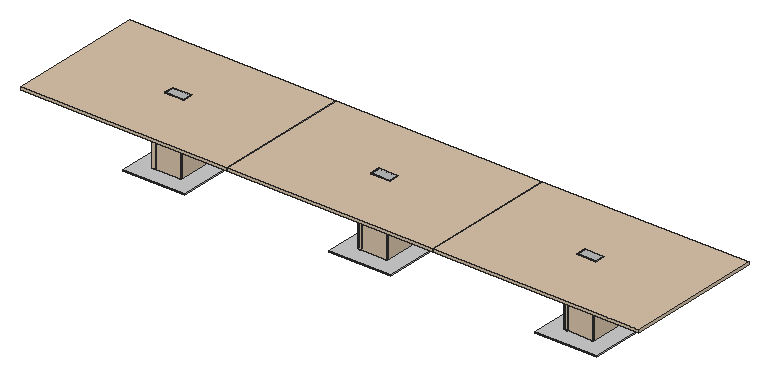
Revit family "Haworth_Planes_ColumnBaseConferenceTable_RectangularThreePiece", category Furniture Systems, Revit 2018
Family settings
  Round Connector Dimension = Use Diameter
  Part Type = Normal
  OmniClass Number = 23.40.70.14.64.21
  OmniClass Title = Systems Furniture
  Work Plane-Based = No
  Always vertical = Yes
  Cut with Voids When Loaded = No
  Shared = No
  Room Calculation Point = No
Parameters (values of type "270w 60d")
  Worksurface Finish [instance] = Haworth _ Laminate _ Maple H-AE
  Worksurface Edge Finish [instance] = Haworth _ Laminate _ Maple H-AE
  Width = 270"
  Warranty = "http://www.haworth.com/resources/product-info/warranties"
  URL - Product = "http://www.haworth.com/products/tables/conference/planes"
  Trim Finish = Haworth _ Laminate _ Maple H-AE
  Sustainability Info = "https://www.haworth.com/company-info/sustainability"
  Opening Single Wide = no
  Opening Single = not(or(Opening Single Wide, Opening Double, Opening Double Wide))  # yes
  Opening Left/Right = not(Opening Center)  # no
  Opening Double Wide = no
  Opening Double = no
  Opening Center = yes
  Model = "TARA"  # constant formula
  Min. Depth = 42"  # constant formula
  Max. Depth = 60"  # constant formula
  URL = "www.haworth.com"
  Support Height = Actual Height - Table Thickness  # 27 13/16"
  Size [instance] = "Verify Final Dim. w/ Haworth"  # constant formula
  Revision Number = "3"  # constant formula
  Min/Max Width = "186-270 @ 6 in. increments"  # constant formula
  Standard Height = "21, 29, 41 in."  # constant formula
  Min. Width = 186"  # constant formula
  Max. Width = 270"  # constant formula
  Min. Height = 21"  # constant formula
  Max. Height = 41"  # constant formula
  Manufacturer = "Haworth"  # constant formula
  Third Width = Actual Width / 6  # 45"
  Knife Edge = not(Edgeband)  # no
  Height = 29"
  Fliptop Width = Cutout Width + 1/4"  # 8 1/4"
  Fliptop Side Vis. = and(Flip Top, [Opening Left/Right])  # no
  Fliptop Depth = Cutout Depth + 3/8"  # 4 3/8"
  Fliptop Center Vis. = and(Flip Top, Opening Center)  # yes
  Flip Top Finish = Haworth _ Paint _ Metallic Champagne
  Flip Top = yes
  Edgeband = yes
  Description = "Haworth - Planes Column Base Conference Table - Rectangular Three Piece"  # constant formula
  Depth = 60"
  Cutout Width = if(or(Opening Single Wide, Opening Double Wide), 11", 8")  # 8"
  Cutout Side Offset = Actual Width / 12  # 22 1/2"
  Cutout Depth = if(or(Opening Double, Opening Double Wide), 7 11/16", 4")  # 4"
  Cutout = yes
  Custom Size = not(and(or(Depth = 42", Depth = 48", Depth = 54", Depth = 60"), or(Width = 186", Width = 192", Width = 198", Width = 204", Width = 210", Width = 216", Width = 222", Width = 228", Width = 234", Width = 240", Width = 246", Width = 252", Width = 258", Width = 264", Width = 270")))  # no
  Base Finish = Haworth _ Metal _ Brushed Aluminum
  Author = "Haworth (Hampton, Alias)"  # constant formula
  Assembly Code = "E2020200"
  Actual Width = if(Width > Max. Width, Max. Width, if(Width < Min. Width, Min. Width, Width))  # 270"
  Actual Height = if(Height > Max. Height, Max. Height, if(Height < Min. Height, Min. Height, Height))  # 29"
  Table Thickness = 1 3/16"  # constant formula
  Standard Depths = "42, 48, 54, 60 in."  # constant formula
  Actual Depth = if(Depth > Max. Depth, Max. Depth, if(Depth < Min. Depth, Min. Depth, Depth))  # 60"
Reference planes (in)
  plane 1 "Center F/B": y = 8.84134
  plane 2 "Floor": z = 0
  plane 3 "Center L/R": x = 0
  plane 4 "Table Edge Left": x = -135
  plane 5 "Table Edge Right": x = 135
  plane 6 "Table Edge Back": y = -21.15866
  plane 7 "Table Edge Front": y = 38.84134
  plane 8 "Table Top": z = 29
  plane 9 "masking region": z = 27
  plane 10 "Left Middle Support": x = -90
  plane 11 "Right Middle Support": x = 90
  plane 12: z = 27.8125
  plane 13 "Left Seam": x = -45
  plane 14 "Right Seam": x = 45
  plane 15 "Fliptop Left 1": x = -112.5
  plane 16 "Fliptop Left2": x = -67.5
  plane 17 "Fliptop Left 3": x = -22.5
  plane 18 "Fliptop Right 3": x = 22.5
  plane 19 "Fliptop Right 2": x = 67.5
  plane 20 "Fliptop Right 1": x = 112.5
Dimensions and locks (in)
  "Actual Depth": plane 7 "Table Edge Front" to plane 6 "Table Edge Back"
  "Actual Width": plane 4 "Table Edge Left" to plane 5 "Table Edge Right"
  "Actual Height": plane 8 "Table Top" to level
  "Table Thickness": plane 8 "Table Top" to plane 12
  equal spacing: plane 4 "Table Edge Left", plane 10 "Left Middle Support", plane 13 "Left Seam", plane 3 "Center L/R", plane 14 "Right Seam", plane 11 "Right Middle Support", plane 5 "Table Edge Right"
  equal spacing: plane 7 "Table Edge Front", plane 1 "Center F/B", plane 6 "Table Edge Back"
  "Cutout Side Offset": plane 14 "Right Seam" to plane 19 "Fliptop Right 2"
  "Cutout Side Offset": plane 18 "Fliptop Right 3" to plane 14 "Right Seam"
  "Cutout Side Offset": plane 13 "Left Seam" to plane 17 "Fliptop Left 3"
  "Cutout Side Offset": plane 16 "Fliptop Left2" to plane 13 "Left Seam"
  "Cutout Side Offset": plane 4 "Table Edge Left" to plane 15 "Fliptop Left 1"
  "Cutout Side Offset": plane 20 "Fliptop Right 1" to plane 5 "Table Edge Right"
  aligned and locked: plane 20 "Fliptop Right 1" to nested 2
  aligned and locked: plane 1 "Center F/B" to nested 2
  aligned and locked: nested 1 to plane 11 "Right Middle Support"
  aligned and locked: plane 1 "Center F/B" to nested 1
  aligned and locked: nested 3 to plane 19 "Fliptop Right 2"
  aligned and locked: plane 1 "Center F/B" to nested 3
  aligned and locked: plane 1 "Center F/B" to nested 4
  aligned and locked: plane 18 "Fliptop Right 3" to nested 4
  aligned and locked: plane 3 "Center L/R" to nested 5
  aligned and locked: plane 1 "Center F/B" to nested 5
  aligned and locked: plane 17 "Fliptop Left 3" to nested 6
  aligned and locked: plane 1 "Center F/B" to nested 6
  aligned and locked: plane 16 "Fliptop Left2" to nested 7
  aligned and locked: plane 1 "Center F/B" to nested 7
  aligned and locked: plane 10 "Left Middle Support" to nested 8
  aligned and locked: plane 1 "Center F/B" to nested 8
  aligned and locked: nested 9 to plane 15 "Fliptop Left 1"
  aligned and locked: plane 1 "Center F/B" to nested 9
  aligned and locked: plane 2 "Floor" to nested 10
  aligned and locked: plane 2 "Floor" to nested 12
  aligned and locked: plane 2 "Floor" to nested 11
  aligned and locked: plane 1 "Center F/B" to nested 10
  aligned and locked: nested 10 to plane 11 "Right Middle Support"
  aligned and locked: plane 3 "Center L/R" to nested 11
  aligned and locked: plane 1 "Center F/B" to nested 11
  aligned and locked: plane 10 "Left Middle Support" to nested 12
  aligned and locked: plane 1 "Center F/B" to nested 12
  aligned and locked: plane 2 "Floor" to nested 13
  aligned and locked: nested 13 to plane 3 "Center L/R"
  aligned and locked: plane 1 "Center F/B" to nested 13
Nested families (in)
  nested 1: "Haworth_Worksurface_FlipTop_Unit_Part" at (89.42963, 8.78886, 29), built-in parameter 1001364 <- "Actual Height", visible <- "Fliptop Center Vis.", type "Flip Top"
  nested 2: "Haworth_Worksurface_FlipTop_Unit_Part" at (111.92963, 8.78886, 29), built-in parameter 1001364 <- "Actual Height", visible <- "Fliptop Side Vis.", type "Flip Top"
  nested 3: "Haworth_Worksurface_FlipTop_Unit_Part" at (66.92963, 8.78886, 29), built-in parameter 1001364 <- "Actual Height", visible <- "Fliptop Side Vis.", type "Flip Top"
  nested 4: "Haworth_Worksurface_FlipTop_Unit_Part" at (21.92963, 8.78886, 29), built-in parameter 1001364 <- "Actual Height", visible <- "Fliptop Side Vis.", type "Flip Top"
  nested 5: "Haworth_Worksurface_FlipTop_Unit_Part" at (-0.57037, 8.78886, 29), built-in parameter 1001364 <- "Actual Height", visible <- "Fliptop Center Vis.", type "Flip Top"
  nested 6: "Haworth_Worksurface_FlipTop_Unit_Part" at (-23.07037, 8.78886, 29), built-in parameter 1001364 <- "Actual Height", visible <- "Fliptop Side Vis.", type "Flip Top"
  nested 7: "Haworth_Worksurface_FlipTop_Unit_Part" at (-68.07037, 8.78886, 29), built-in parameter 1001364 <- "Actual Height", visible <- "Fliptop Side Vis.", type "Flip Top"
  nested 8: "Haworth_Worksurface_FlipTop_Unit_Part" at (-90.57037, 8.78886, 29), built-in parameter 1001364 <- "Actual Height", visible <- "Fliptop Center Vis.", type "Flip Top"
  nested 9: "Haworth_Worksurface_FlipTop_Unit_Part" at (-113.07037, 8.78886, 29), built-in parameter 1001364 <- "Actual Height", visible <- "Fliptop Side Vis.", type "Flip Top"
  nested 10: "Haworth_Planes_ColumnBase_Part" at (90, 5.21634, 0), type "Square"
    with Actual Height 27 13/16"
  nested 11: "Haworth_Planes_ColumnBase_Part" at (0, 5.21634, 0), type "Square"
    with Actual Height 27 13/16"
  nested 12: "Haworth_Planes_ColumnBase_Part" at (-90, 5.21634, 0), type "Square"
    with Actual Height 27 13/16"
  nested 13: "Haworth_Planes_Conference_Worksurface_RectangularThreePiece_Part" at (45, -6.15866, 0), type "Worksurface"
    with Opening Side Vis. no, Opening Left/Right no, Knife Edge no, Cutout Side Dimension 1"
Definition of nested family "Haworth_Worksurface_FlipTop_Unit_Part"
  Parameters (values of type "Flip Top")
    Warranty = "https://www.haworth.com/resources/product-info/warranties"
    URL - Product = "https://www.haworth.com/products/tables/conference/planes"
    URL = "www.haworth.com"
    Sustainability Info = "https://www.haworth.com/company-info/sustainability"
    Size = "Verify Final Dim. w/ Haworth"  # constant formula
    Revision Number = "2"  # constant formula
    Model = "Haworth_Worksurface-Flip_Top_Unit"  # constant formula
    Manufacturer = "Haworth"  # constant formula
    LEED Data = "www.haworth.com/_layouts/Haworth.ProductCatalog/Handlers/GetAsset.ashx/ComposeLEEDContributions.pdf?cid=27&rid=1824&type=Leed"
    Flip Top Finish = none
    Description = "Haworth Worksurface-Flip Top Unit - Part"
    Default Elevation = 48"
    Author = "Haworth (Alias), SHAPE Environments, LLC"  # constant formula
    Assembly Code = "E2020200"
    Actual Width = 8 1/4"
    Actual Depth = 4 3/8"
  Reference planes (in)
    plane 1 "Center F/B": y = 0.05249
    plane 2: z = 0
    plane 3 "Center L/R": x = 0.57037
    plane 4 "Back": y = 2.23999
    plane 5 "Right": x = 4.69537
    plane 6 "Front": y = -2.13501
    plane 7 "Left": x = -3.55463
    plane 8 "Table Height": z = 0
  Forms (in)
    Extrusion 1, solid, material <- "Flip Top Finish"
      sketch origin (0, 0, 0) x (-1, 0, 0) y (0, -1, 0)
        loop
          line (3.55463, -2.23999) -> (3.55463, 2.13501) -> (-4.69537, 2.13501) -> (-4.69537, -2.23999) -> (3.55463, -2.23999)
      from 0 to 0.125
    Extrusion 2, solid, material <- "Flip Top Finish"
      sketch origin (0, 0, 0) x (-1, 0, 0) y (0, -1, 0)
        loop
          line (3.42963, -2.05249) -> (3.42963, 1.94751) -> (-4.57037, 1.94751) -> (-4.57037, -2.05249) -> (3.42963, -2.05249)
      from 0 to -2.75
  Cuts and joins
    joined: Extrusion 1, Extrusion 2
  Lines and regions (in)
    Masking region 1
      outline origin (0, 0, 0) x (1, 0, 0) y (0, 1, 0)
        loop
          line (-3.55463, 2.23999) -> (-3.55463, -2.13501) -> (4.69537, -2.13501) -> (4.69537, 2.23999) -> (-3.55463, 2.23999)
  Dimensions and locks (in)
    equal spacing: plane 7 "Left", plane 3 "Center L/R", plane 5 "Right"
    "Actual Width": plane 7 "Left" to plane 5 "Right"
    equal spacing: plane 6 "Front", plane 1 "Center F/B", plane 4 "Back"
    "Actual Depth": plane 4 "Back" to plane 6 "Front"
    plane 7 "Left" to Extrusion 2 sketch curve = 1/8"
    plane 4 "Back" to Extrusion 2 sketch curve = 3/16"
    Extrusion 2 sketch curve to plane 5 "Right" = 1/8"
    Extrusion 2 sketch curve to plane 6 "Front" = 3/16"
    locked: plane 8 "Table Height" to level
    aligned and locked: plane 7 "Left" to Extrusion 1 sketch curve
    aligned and locked: Extrusion 1 sketch curve to plane 4 "Back"
    aligned and locked: plane 6 "Front" to Extrusion 1 sketch curve
    aligned and locked: Extrusion 1 sketch curve to plane 5 "Right"
    aligned and locked: Masking region 1 sketch curve to cut or joined group of Extrusion 1, Extrusion 2  (x3)
    aligned and locked: cut or joined group of Extrusion 1, Extrusion 2 to Masking region 1 sketch curve
Definition of nested family "Haworth_Planes_ColumnBase_Part"
  Parameters (values of type "Square")
    Warranty = "http://www.haworth.com/resources/product-info/warranties"
    URL - Product = "http://www.haworth.com/products/tables/conference/planes"
    URL = "www.haworth.com"
    Trim Finish = none
    Top Gap = 1 1/2"  # constant formula
    Sustainability Info = "http://www.haworth.com/company-info/sustainablility"
    Support Finish = none
    Size = "Verify Final Dim. w/ Haworth"  # constant formula
    Revision Number = "2"  # constant formula
    Model = "Haworth - Planes - Enhanced Column Base - LIMITED"  # constant formula
    Min. Height = 27"  # constant formula
    Max. Height = 36"  # constant formula
    Manufacturer = "Haworth"  # constant formula
    Description = "Haworth - Planes - Enhanced Column Base - LIMITED"  # constant formula
    Column Frame Width 9 = no
    Column Frame Width 12 = yes
    Cladding Thickness = 1/8"  # constant formula
    Cladding Square = yes
    Cladding Round = no
    Cladding Radius = 8 1/2"  # constant formula
    Base Plate Square = yes
    Base Plate Round = no
    Base Plate Radius = 15"  # constant formula
    Base Height Offset = 3/8"  # constant formula
    Base Finish = none
    Base Depth Offset = 7 1/8"  # constant formula
    Author = "Haworth (Hampton)"  # constant formula
    Assembly Code = "E2020200"
    Actual Width = 12 3/4"  # constant formula
    Actual Height = 27 3/16"
    Actual Depth = 12 3/4"  # constant formula
  Types (2): name | Cladding Square | Cladding Round | Base Plate Square | Base Plate Round
    Square | yes | no | yes | no
    Round | no | yes | no | yes
  Reference planes (in)
    plane 1 "Center F/B": y = 3.625
    plane 2 "Bottom": z = 0
    plane 3 "Center L/R": x = 0
    plane 4 "Left": x = -6.375
    plane 5 "Right": x = 6.375
    plane 6 "Front": y = -2.75
    plane 7 "Top": z = 27.1875
    plane 8 "Back": y = 10
    plane 9: y = 9.25
    plane 10: x = 5.625
    plane 11: x = -5.625
    plane 12: y = -2
    plane 13 "Panel Top": z = 25.6875
    plane 14 "Base Plate Top": z = 0.375
    plane 15 "Panel Bottom": z = 0.75
    plane 16: x = -6.25
    plane 17: x = 6.25
    plane 18: y = 9.875
    plane 19: y = -2.625
    plane 20 "Plate Back": y = 17.125
    plane 21 "Plate Front": y = -9.875
    plane 22 "Plate Left": x = -13.5
    plane 23 "Plate Right": x = 13.5
    plane 24 "Angel 2": through (6.375, 10, 48) normal (0.7071, -0.7071, 0)
    plane 25 "Angel 1": through (-6.375, 10, 48) normal (0.7071, 0.7071, 0)
    plane 26: through (6.375, -2.75, 48) normal (-0.7071, -0.7071, 0)
    plane 27: through (6.375, 10, 48) normal (0.7071, -0.7071, 0)
    plane 28: through (-6.375, -2.75, 48) normal (-0.7071, 0.7071, 0)
    plane 29: through (6.375, -2.75, 48) normal (-0.7071, -0.7071, 0)
    plane 30: through (-6.375, 10, 48) normal (0.7071, 0.7071, 0)
    plane 31: through (-6.375, -2.75, 48) normal (-0.7071, 0.7071, 0)
  Forms (in)
    Extrusion 1, solid, material <- "Trim Finish", visible <- "Cladding Square"
      sketch origin (0, 0, 0) x (1, 0, 0) y (0, 1, 0)
        loop
          line (-6.375, 9.875) -> (-6.375, -2.625) -> (-6.25, -2.625) -> (-6.25, 9.875) -> (-6.375, 9.875)
      from 0.75 to 25.6875
    Extrusion 2, solid, material <- "Trim Finish", visible <- "Cladding Square"
      sketch origin (0, 0, 0) x (1, 0, 0) y (0, 1, 0)
        loop
          line (-6.25, 10) -> (-6.25, 9.875) -> (6.25, 9.875) -> (6.25, 10) -> (-6.25, 10)
      from 0.75 to 25.6875
    Extrusion 3, solid, material <- "Trim Finish", visible <- "Cladding Square"
      sketch origin (0, 0, 0) x (1, 0, 0) y (0, 1, 0)
        loop
          line (6.25, 9.875) -> (6.25, -2.625) -> (6.375, -2.625) -> (6.375, 9.875) -> (6.25, 9.875)
      from 0.75 to 25.6875
    Extrusion 4, solid, material <- "Trim Finish", visible <- "Cladding Square"
      sketch origin (0, 0, 0) x (1, 0, 0) y (0, 1, 0)
        loop
          line (-6.25, -2.625) -> (-6.25, -2.75) -> (6.25, -2.75) -> (6.25, -2.625) -> (-6.25, -2.625)
      from 0.75 to 25.6875
    Extrusion 5, solid, material <- "Support Finish"
      sketch origin (0, 0, 0) x (1, 0, 0) y (0, 1, 0)
        loop
          circle (-5.625, 9.25) r 0.375
        loop
          circle (5.625, 9.25) r 0.375
        loop
          circle (5.625, -2) r 0.375
        loop
          circle (-5.625, -2) r 0.375
      from 0.375 to 27.1875
    Extrusion 6, solid, material <- "Base Finish", visible <- "Base Plate Square"
      sketch origin (0, 0, 0) x (1, 0, 0) y (0, 1, 0)
        loop
          line (-13.5, 17.125) -> (-13.5, -9.875) -> (13.5, -9.875) -> (13.5, 17.125) -> (-13.5, 17.125)
      from 0 to 0.375
    Extrusion 7, solid, material <- "Base Finish", visible <- "Base Plate Round"
      sketch origin (0, 0, 0) x (1, 0, 0) y (0, 1, 0)
        loop
          circle (0, 3.625) r 15
      from 0 to 0.375
    Extrusion 8, solid, material <- "Trim Finish", visible <- "Cladding Round"
      sketch origin (0, 0, 0) x (1, 0, 0) y (0, 1, 0)
        loop
          arc (-6.01041, 9.63541) -> (0, 12.125) -> (6.01041, 9.63541) r 8.5
          line (6.01041, 9.63541) -> (6.01041, 9.81092)
          arc (6.01041, 9.81092) -> (0, 12.25) -> (-6.01041, 9.81092) r 8.625
          line (-6.01041, 9.81092) -> (-6.01041, 9.63541)
      from 0.75 to 25.6875
    Extrusion 9, solid, material <- "Trim Finish", visible <- "Cladding Round"
      sketch origin (-3.625, 3.625, 0) x (0, -1, 0) y (1, 0, 0)
        loop
          arc (-6.01041, 9.63541) -> (0, 12.125) -> (6.01041, 9.63541) r 8.5
          line (6.01041, 9.63541) -> (6.01041, 9.81092)
          arc (6.01041, 9.81092) -> (0, 12.25) -> (-6.01041, 9.81092) r 8.625
          line (-6.01041, 9.81092) -> (-6.01041, 9.63541)
      from 0.75 to 25.6875
    Extrusion 10, solid, material <- "Trim Finish", visible <- "Cladding Round"
      sketch origin (0, 7.25, 0) x (-1, 0, 0) y (0, -1, 0)
        loop
          arc (-6.01041, 9.63541) -> (0, 12.125) -> (6.01041, 9.63541) r 8.5
          line (6.01041, 9.63541) -> (6.01041, 9.81092)
          arc (6.01041, 9.81092) -> (0, 12.25) -> (-6.01041, 9.81092) r 8.625
          line (-6.01041, 9.81092) -> (-6.01041, 9.63541)
      from 0.75 to 25.6875
    Extrusion 11, solid, material <- "Trim Finish", visible <- "Cladding Round"
      sketch origin (3.625, 3.625, 0) x (0, 1, 0) y (-1, 0, 0)
        loop
          arc (-6.01041, 9.63541) -> (0, 12.125) -> (6.01041, 9.63541) r 8.5
          line (6.01041, 9.63541) -> (6.01041, 9.81092)
          arc (6.01041, 9.81092) -> (0, 12.25) -> (-6.01041, 9.81092) r 8.625
          line (-6.01041, 9.81092) -> (-6.01041, 9.63541)
      from 0.75 to 25.6875
  Lines and regions (in)
    symbolic lines, visible <- "Base Plate Square", detail levels medium+fine
      curve 1: line (-13.5, 17.125, 0) -> (13.5, 17.125, 0)
      curve 2: line (13.5, 17.125, 0) -> (13.5, -9.875, 0)
      curve 3: line (13.5, -9.875, 0) -> (-13.5, -9.875, 0)
      curve 4: line (-13.5, -9.875, 0) -> (-13.5, 17.125, 0)
    symbolic lines, visible <- "Cladding Square", detail levels medium+fine
      curve 5: line (-6.375, 10, 0) -> (6.375, 10, 0)
      curve 6: line (6.375, 10, 0) -> (6.375, -2.75, 0)
      curve 7: line (6.375, -2.75, 0) -> (-6.375, -2.75, 0)
      curve 8: line (-6.375, -2.75, 0) -> (-6.375, 10, 0)
    model lines, visible <- "Base Plate Round"
      curve 9: circle (0, 3.625, 0) r 15 normal (0, 0, 1)
    symbolic lines, visible <- "Base Plate Round", detail levels medium+fine
      curve 10: circle (0, 3.625, 0) r 8.5 normal (0, 0, 1)
  Dimensions and locks (in)
    equal spacing: plane 8 "Back", plane 1 "Center F/B", plane 6 "Front"
    "Actual Depth": plane 8 "Back" to plane 6 "Front"
    equal spacing: plane 4 "Left", plane 3 "Center L/R", plane 5 "Right"
    "Actual Width": plane 4 "Left" to plane 5 "Right"
    "Actual Height": plane 7 "Top" to level
    locked: plane 4 "Left" to plane 11 at 0.75
    locked: plane 10 to plane 5 "Right" at 0.75
    locked: plane 8 "Back" to plane 9 at 0.75
    locked: plane 12 to plane 6 "Front" at 0.75
    "Base Height Offset": plane 14 "Base Plate Top" to level
    "Base Height Offset": plane 15 "Panel Bottom" to plane 14 "Base Plate Top"
    "Top Gap": plane 7 "Top" to plane 13 "Panel Top"
    "Base Depth Offset": plane 22 "Plate Left" to plane 4 "Left"
    "Base Depth Offset": plane 5 "Right" to plane 23 "Plate Right"
    "Base Depth Offset": plane 21 "Plate Front" to plane 6 "Front"
    "Base Depth Offset": plane 20 "Plate Back" to plane 8 "Back"
    "Cladding Thickness": plane 8 "Back" to plane 18
    "Cladding Thickness": plane 19 to plane 6 "Front"
    "Cladding Thickness": plane 4 "Left" to plane 16
    "Cladding Thickness": plane 17 to plane 5 "Right"
    "Base Plate Radius": radius of Extrusion 7 sketch curve
    "Base Plate Radius": radius of curve 9
    "Cladding Radius": radius of Extrusion 8 sketch curve
    "Cladding Radius": radius of curve 10
    "Cladding Radius": radius of Extrusion 9 sketch curve
    "Cladding Radius": radius of Extrusion 10 sketch curve
    "Cladding Radius": radius of Extrusion 11 sketch curve
    aligned and locked: Extrusion 1 sketch curve to plane 19
    aligned and locked: plane 4 "Left" to Extrusion 1 sketch curve
    aligned and locked: Extrusion 1 sketch curve to plane 16
    aligned and locked: Extrusion 1 sketch curve to plane 18
    aligned and locked: Extrusion 2 sketch curve to plane 8 "Back"
    aligned and locked: plane 18 to Extrusion 2 sketch curve
    aligned and locked: plane 16 to Extrusion 2 sketch curve
    aligned and locked: plane 17 to Extrusion 2 sketch curve
    aligned and locked: Extrusion 3 sketch curve to plane 19
    aligned and locked: Extrusion 3 sketch curve to plane 18
    aligned and locked: Extrusion 3 sketch curve to plane 17
    aligned and locked: plane 5 "Right" to Extrusion 3 sketch curve
    aligned and locked: plane 16 to Extrusion 4 sketch curve
    aligned and locked: plane 17 to Extrusion 4 sketch curve
    aligned and locked: plane 19 to Extrusion 4 sketch curve
    aligned and locked: plane 6 "Front" to Extrusion 4 sketch curve
    aligned and locked: plane 13 "Panel Top" to Extrusion 4
    aligned and locked: Extrusion 4 to plane 15 "Panel Bottom"
    aligned and locked: plane 13 "Panel Top" to Extrusion 2
    aligned and locked: Extrusion 2 to plane 15 "Panel Bottom"
    aligned and locked: Extrusion 1 to plane 15 "Panel Bottom"
    aligned and locked: plane 13 "Panel Top" to Extrusion 1
    aligned and locked: Extrusion 3 to plane 15 "Panel Bottom"
    aligned and locked: plane 13 "Panel Top" to Extrusion 3
    aligned and locked: Extrusion 5 to plane 14 "Base Plate Top"
    aligned and locked: plane 7 "Top" to Extrusion 5
    aligned and locked: plane 22 "Plate Left" to Extrusion 6 sketch curve
    aligned and locked: Extrusion 6 sketch curve to plane 21 "Plate Front"
    aligned and locked: plane 23 "Plate Right" to Extrusion 6 sketch curve
    aligned and locked: Extrusion 6 sketch curve to plane 20 "Plate Back"
    aligned and locked: Extrusion 6 to plane 2 "Bottom"
    aligned and locked: Extrusion 6 to plane 14 "Base Plate Top"
    aligned and locked: curve 1 to plane 20 "Plate Back"
    aligned and locked: plane 22 "Plate Left" to curve 4
    aligned and locked: curve 3 to plane 21 "Plate Front"
    aligned and locked: plane 23 "Plate Right" to curve 2
    aligned and locked: plane 5 "Right" to curve 6
    aligned and locked: curve 5 to plane 8 "Back"
    aligned and locked: plane 4 "Left" to curve 8
    aligned and locked: plane 6 "Front" to curve 7
    aligned and locked: Extrusion 7 to plane 2 "Bottom"
    aligned and locked: Extrusion 7 to plane 14 "Base Plate Top"
    aligned and locked: plane 13 "Panel Top" to Extrusion 8
    aligned and locked: Extrusion 8 to plane 15 "Panel Bottom"
    aligned and locked: Extrusion 11 to plane 15 "Panel Bottom"
    aligned and locked: Extrusion 10 to plane 15 "Panel Bottom"
    aligned and locked: Extrusion 9 to plane 15 "Panel Bottom"
    aligned and locked: plane 13 "Panel Top" to Extrusion 11
    aligned and locked: plane 13 "Panel Top" to Extrusion 10
    aligned and locked: plane 13 "Panel Top" to Extrusion 9
    aligned and locked: Extrusion 11 to Extrusion 1  (x2)
    aligned and locked: Extrusion 2 to Extrusion 10  (x2)
    aligned and locked: Extrusion 9 to Extrusion 2
    aligned and locked: Extrusion 2 to Extrusion 9
    aligned and locked: Extrusion 2 to Extrusion 8  (x2)
    aligned and locked: Extrusion 4 to Extrusion 1
    aligned and locked: Extrusion 1 to Extrusion 4
  Automatic sketch dimensions
    Extrusion 5 sketch curve to plane 11 = 0"  (x2)
    Extrusion 5 sketch curve to plane 9 = 0"  (x2)
    Extrusion 5 sketch curve to plane 10 = 0"  (x2)
    Extrusion 5 sketch curve to plane 12 = 0"  (x2)
    curve 9 to curve 10 = 0"  (x2)
    plane 1 "Center F/B" to curve 9 = 0"
    curve 9 to plane 3 "Center L/R" = 0"
    plane 1 "Center F/B" to Extrusion 7 sketch curve = 0"
    Extrusion 7 sketch curve to plane 3 "Center L/R" = 0"
    Extrusion 8 sketch curve to Extrusion 8 sketch curve = 0"  (x2)
    plane 25 "Angel 1" to Extrusion 8 sketch curve = 0"
    plane 1 "Center F/B" to Extrusion 8 sketch curve = 0"
    Extrusion 8 sketch curve to plane 3 "Center L/R" = 0"
    plane 24 "Angel 2" to Extrusion 8 sketch curve = 0"
    Extrusion 8 sketch curve to plane 18 = 0.06408"
    Extrusion 9 sketch curve to Extrusion 9 sketch curve = 0"  (x2)
    Extrusion 9 sketch curve to plane 27 = 0"
    plane 1 "Center F/B" to Extrusion 9 sketch curve = 0"
    plane 26 to Extrusion 9 sketch curve = 0"
    Extrusion 9 sketch curve to plane 3 "Center L/R" = 0"
    plane 17 to Extrusion 9 sketch curve = 0.06408"
    Extrusion 10 sketch curve to Extrusion 10 sketch curve = 0"  (x2)
    Extrusion 10 sketch curve to plane 29 = 0"
    plane 1 "Center F/B" to Extrusion 10 sketch curve = 0"
    Extrusion 10 sketch curve to plane 3 "Center L/R" = 0"
    Extrusion 10 sketch curve to plane 28 = 0"
    Extrusion 10 sketch curve to plane 19 = 0.06408"
    Extrusion 11 sketch curve to Extrusion 11 sketch curve = 0"  (x2)
    plane 31 to Extrusion 11 sketch curve = 0"
    plane 1 "Center F/B" to Extrusion 11 sketch curve = 0"
    Extrusion 11 sketch curve to plane 30 = 0"
    Extrusion 11 sketch curve to plane 3 "Center L/R" = 0"
    plane 16 to Extrusion 11 sketch curve = 0.06408"
    radius of Extrusion 5 sketch curve = 3/8"  (x4)
Definition of nested family "Haworth_Planes_Conference_Worksurface_RectangularThreePiece_Part"
  Parameters (values of type "Worksurface")
    Warranty = "https://www.haworth.com/resources/product-info/warranties"
    URL - Product = "https://www.haworth.com/products/tables/conference/planes"
    URL = "www.haworth.com"
    Table Thickness = 1 3/16"  # constant formula
    Table Finish = none
    Table Edge Finish = none
    Side Cutout Offset = Actual Width / 12  # 22 1/2"
    Revision Number = ""
    Opening Side Vis. = and(Cutout, [Opening Left/Right])  # yes
    Opening Left/Right = yes
    Opening Center Vis. = and(Cutout, Opening Center)  # yes
    Opening Center = yes
    Note = "Verify Final Dim. w/ Haworth"  # constant formula
    Model = "TARA"  # constant formula
    Manufacturer = "Haworth"  # constant formula
    Knife Edge = yes
    Edgeband = yes
    Description = "Haworth - Planes Conference Worksurface - Part"
    Cutout Width = 8"
    Cutout Side Dimension = if(and(Cutout, [Opening Left/Right]), 3", 1")  # 3"
    Cutout Center Dimension = if(and(Cutout, Opening Center), 3", 1")  # 3"
    Cutout Depth = 4"
    Cutout = yes
    Center Cutout Offset = Actual Width / 6  # 45"
    Author = "Haworth (Alias)"  # constant formula
    Assembly Code = ""
    Actual Width = 270"
    Actual Height = 29"
    Actual Depth = 60"
  Reference planes (in)
    plane 1 "Center F/B": y = 15
    plane 2 "Bottom": z = 0
    plane 3 "Right Flat": x = 0
    plane 4 "Table Front": y = 45
    plane 5 "Table Right": x = 90
    plane 6 "Table Left": x = -180
    plane 7 "Table Back": y = -15
    plane 8 "Table Top": z = 29
    plane 9 "Table Bottom": z = 27.8125
    plane 10 "Cutout Top": z = 30
    plane 11 "Cutout Center Bottom": z = 27
    plane 12 "KnifeEdge Middle": z = 28.625
    plane 13 "Cutout Center": x = -135
    plane 14 "Cutout Left 1": x = -157.5
    plane 15 "Cutout Left 2": x = -112.5
    plane 16 "Cutout Right 2": x = 22.5
    plane 17 "Cutout Center 2": x = 45
    plane 18 "Cutout Right 1": x = 67.5
    plane 19 "Cutout Side Bottom": z = 27
    plane 20 "Left Flat": x = -90
    plane 21 "Center L/R": x = -45
    plane 22 "Cutout Left 3": x = -67.5
    plane 23 "Cutout Right 3": x = -22.5
  Forms (in)
    Extrusion 1, solid, material <- "Table Finish", visible <- "Edgeband"
      sketch origin (0, 0, 0) x (1, 0, 0) y (0, 1, 0)
        loop
          line (0, 45) -> (0, -15) -> (90, -15) -> (90, 45) -> (0, 45)
      from 27.8125 to 29
    Extrusion 2, void
      sketch origin (-90, 0, 29) x (-1, 0, 0) y (0, -1, 0)
        loop
          line (49, -17) -> (49, -13) -> (41, -13) -> (41, -17) -> (49, -17)
        loop
          line (-41, -17) -> (-41, -13) -> (-49, -13) -> (-49, -17) -> (-41, -17)
        loop
          line (-131, -17) -> (-131, -13) -> (-139, -13) -> (-139, -17) -> (-131, -17)
      from -2 to 1
    Extrusion 3, solid, material <- "Table Finish", visible <- "Knife Edge"
      sketch origin (0, 0, 0) x (1, 0, 0) y (0, 1, 0)
        loop
          line (0, 45) -> (0, -15) -> (90, -15) -> (90, 45) -> (0, 45)
      from 28.625 to 29
    Blend 4, solid, material <- "Table Finish", visible <- "Knife Edge"
      base sketch origin (0, 0, 0) x (1, 0, 0) y (0, 1, 0)
        loop
          line (0, -13) -> (88, -13) -> (88, 43) -> (0, 43) -> (0, -13)
      top sketch origin (0, 0, 0) x (1, 0, 0) y (0, 1, 0)
        loop
          line (0, 45) -> (0, -15) -> (90, -15) -> (90, 45) -> (0, 45)
      from 27.8125 to 28.625
    Extrusion 5, void
      sketch origin (-90, 0, 0) x (1, 0, 0) y (0, 1, 0)
        loop
          line (-71.5, 17) -> (-71.5, 13) -> (-63.5, 13) -> (-63.5, 17) -> (-71.5, 17)
        loop
          line (-26.5, 17) -> (-26.5, 13) -> (-18.5, 13) -> (-18.5, 17) -> (-26.5, 17)
        loop
          line (18.5, 17) -> (18.5, 13) -> (26.5, 13) -> (26.5, 17) -> (18.5, 17)
        loop
          line (63.5, 17) -> (63.5, 13) -> (71.5, 13) -> (71.5, 17) -> (63.5, 17)
        loop
          line (108.5, 17) -> (108.5, 13) -> (116.5, 13) -> (116.5, 17) -> (108.5, 17)
        loop
          line (153.5, 17) -> (153.5, 13) -> (161.5, 13) -> (161.5, 17) -> (153.5, 17)
      from 27 to 30
    Extrusion 6, solid, material <- "Table Finish", visible <- "Knife Edge"
      sketch origin (-90, 0, 0) x (-1, 0, 0) y (0, -1, 0)
        loop
          line (90, -45) -> (90, 15) -> (0, 15) -> (0, -45) -> (90, -45)
      from 28.625 to 29
    Extrusion 7, solid, material <- "Table Finish", visible <- "Edgeband"
      sketch origin (-90, 0, 0) x (-1, 0, 0) y (0, -1, 0)
        loop
          line (90, -45) -> (90, 15) -> (0, 15) -> (0, -45) -> (90, -45)
      from 27.8125 to 29
    Blend 8, solid, material <- "Table Finish", visible <- "Knife Edge"
      base sketch origin (-90, 0, 0) x (-1, 0, 0) y (0, -1, 0)
        loop
          line (0, -43) -> (88, -43) -> (88, 13) -> (0, 13) -> (0, -43)
      top sketch origin (-90, 0, 0) x (-1, 0, 0) y (0, -1, 0)
        loop
          line (90, -45) -> (90, 15) -> (0, 15) -> (0, -45) -> (90, -45)
      from 27.8125 to 28.625
    Extrusion 9, solid, material <- "Table Finish", visible <- "Edgeband"
      sketch origin (0, 0, 0) x (1, 0, 0) y (0, 1, 0)
        loop
          line (-90, 45) -> (-90, -15) -> (0, -15) -> (0, 45) -> (-90, 45)
      from 27.8125 to 29
    Extrusion 10, solid, material <- "Table Finish", visible <- "Knife Edge"
      sketch origin (0, 0, 0) x (1, 0, 0) y (0, 1, 0)
        loop
          line (-90, 45) -> (-90, -15) -> (0, -15) -> (0, 45) -> (-90, 45)
      from 28.625 to 29
    Blend 11, solid, material <- "Table Finish", visible <- "Knife Edge"
      base sketch origin (0, 0, 0) x (1, 0, 0) y (0, 1, 0)
        loop
          line (-90, -13) -> (0, -13) -> (0, 43) -> (-90, 43) -> (-90, -13)
      top sketch origin (0, 0, 0) x (1, 0, 0) y (0, 1, 0)
        loop
          line (-90, 45) -> (-90, -15) -> (0, -15) -> (0, 45) -> (-90, 45)
      from 27.8125 to 28.625
  Cuts and joins
    Extrusion 2, Extrusion 5 cuts Extrusion 1
    Extrusion 2, Extrusion 5 cuts Extrusion 3
    Extrusion 2, Extrusion 5 cuts Blend 4
    Extrusion 2, Extrusion 5 cuts Extrusion 9
    Extrusion 2, Extrusion 5 cuts Extrusion 10
    Extrusion 2, Extrusion 5 cuts Blend 11
    Extrusion 2, Extrusion 5 cuts Extrusion 7
    Extrusion 2, Extrusion 5 cuts Extrusion 6
    Extrusion 2, Extrusion 5 cuts Blend 8
  Lines and regions (in)
    Masking region 1
      outline origin (0, 0, 0) x (1, 0, 0) y (0, 1, 0)
        loop
          line (-180, 45) -> (-180, -15) -> (90, -15) -> (90, 45) -> (-180, 45)
    symbolic lines
      curve 1: line (-90, 45, 0) -> (-90, -15, 0)
      curve 38: line (0, 45, 0) -> (0, -15, 0)
    symbolic lines, visible <- "Opening Side Vis."
      curve 2: line (-153.5, 17, 0) -> (-153.5, 13, 0)
      curve 3: line (-153.5, 13, 0) -> (-161.5, 13, 0)
      curve 4: line (-161.5, 13, 0) -> (-161.5, 17, 0)
      curve 5: line (-161.5, 17, 0) -> (-153.5, 17, 0)
      curve 10: line (-108.5, 13, 0) -> (-116.5, 13, 0)
      curve 11: line (-116.5, 13, 0) -> (-116.5, 17, 0)
      curve 12: line (-116.5, 17, 0) -> (-108.5, 17, 0)
      curve 13: line (-108.5, 17, 0) -> (-108.5, 13, 0)
      curve 14: line (-63.5, 13, 0) -> (-71.5, 13, 0)
      curve 15: line (-71.5, 13, 0) -> (-71.5, 17, 0)
      curve 16: line (-71.5, 17, 0) -> (-63.5, 17, 0)
      curve 17: line (-63.5, 17, 0) -> (-63.5, 13, 0)
      curve 22: line (-18.5, 13, 0) -> (-26.5, 13, 0)
      curve 23: line (-26.5, 13, 0) -> (-26.5, 17, 0)
      curve 24: line (-26.5, 17, 0) -> (-18.5, 17, 0)
      curve 25: line (-18.5, 17, 0) -> (-18.5, 13, 0)
      curve 26: line (26.5, 13, 0) -> (18.5, 13, 0)
      curve 27: line (18.5, 13, 0) -> (18.5, 17, 0)
      curve 28: line (18.5, 17, 0) -> (26.5, 17, 0)
      curve 29: line (26.5, 17, 0) -> (26.5, 13, 0)
      curve 34: line (71.5, 13, 0) -> (63.5, 13, 0)
      curve 35: line (63.5, 13, 0) -> (63.5, 17, 0)
      curve 36: line (63.5, 17, 0) -> (71.5, 17, 0)
      curve 37: line (71.5, 17, 0) -> (71.5, 13, 0)
    symbolic lines, visible <- "Opening Center Vis."
      curve 6: line (-131, 13, 0) -> (-139, 13, 0)
      curve 7: line (-139, 13, 0) -> (-139, 17, 0)
      curve 8: line (-139, 17, 0) -> (-131, 17, 0)
      curve 9: line (-131, 17, 0) -> (-131, 13, 0)
      curve 18: line (-41, 13, 0) -> (-49, 13, 0)
      curve 19: line (-49, 13, 0) -> (-49, 17, 0)
      curve 20: line (-49, 17, 0) -> (-41, 17, 0)
      curve 21: line (-41, 17, 0) -> (-41, 13, 0)
      curve 30: line (49, 13, 0) -> (41, 13, 0)
      curve 31: line (41, 13, 0) -> (41, 17, 0)
      curve 32: line (41, 17, 0) -> (49, 17, 0)
      curve 33: line (49, 17, 0) -> (49, 13, 0)
    symbolic lines, visible <- "Knife Edge", detail levels medium+fine
      curve 39: line (-178, 43, 0) -> (-90, 43, 0)
      curve 40: line (-90, -13, 0) -> (-178, -13, 0)
      curve 41: line (-178, -13, 0) -> (-178, 43, 0)
      curve 42: line (0, -13, 0) -> (-90, -13, 0)
      curve 43: line (-90, 43, 0) -> (0, 43, 0)
      curve 44: line (0, 43, 0) -> (88, 43, 0)
      curve 45: line (88, 43, 0) -> (88, -13, 0)
      curve 46: line (88, -13, 0) -> (0, -13, 0)
  Dimensions and locks (in)
    "Actual Depth": plane 7 "Table Back" to plane 4 "Table Front"
    equal spacing: plane 4 "Table Front", plane 1 "Center F/B", plane 7 "Table Back"
    "Table Thickness": plane 8 "Table Top" to plane 9 "Table Bottom"
    "Actual Height": plane 8 "Table Top" to level
    "Cutout Center Dimension": plane 10 "Cutout Top" to plane 11 "Cutout Center Bottom"
    locked: plane 10 "Cutout Top" to plane 8 "Table Top" at 1
    locked: plane 8 "Table Top" to plane 12 "KnifeEdge Middle" at 0.375
    "Cutout Width": Extrusion 2 sketch curve to Extrusion 2 sketch curve  (x3)
    "Cutout Depth": Extrusion 2 sketch curve to Extrusion 2 sketch curve  (x3)
    equal spacing: Extrusion 2 sketch curve, plane 1 "Center F/B", Extrusion 2 sketch curve  (x3)
    equal spacing: Extrusion 2 sketch curve, plane 13 "Cutout Center", Extrusion 2 sketch curve
    "Center Cutout Offset": plane 3 "Right Flat" to plane 17 "Cutout Center 2"
    "Side Cutout Offset": plane 3 "Right Flat" to plane 16 "Cutout Right 2"
    "Side Cutout Offset": plane 18 "Cutout Right 1" to plane 5 "Table Right"
    "Cutout Side Dimension": plane 10 "Cutout Top" to plane 19 "Cutout Side Bottom"
    equal spacing: Extrusion 5 sketch curve, plane 1 "Center F/B", Extrusion 5 sketch curve  (x6)
    "Cutout Depth": Extrusion 5 sketch curve to Extrusion 5 sketch curve  (x6)
    equal spacing: Extrusion 5 sketch curve, plane 14 "Cutout Left 1", Extrusion 5 sketch curve
    "Cutout Width": Extrusion 5 sketch curve to Extrusion 5 sketch curve  (x6)
    equal spacing: Extrusion 5 sketch curve, plane 15 "Cutout Left 2", Extrusion 5 sketch curve
    equal spacing: plane 6 "Table Left", plane 20 "Left Flat", plane 3 "Right Flat", plane 5 "Table Right"
    equal spacing: plane 6 "Table Left", plane 21 "Center L/R", plane 5 "Table Right"
    "Actual Width": plane 6 "Table Left" to plane 5 "Table Right"
    locked: plane 7 "Table Back" to Blend 11 sketch curve at 2
    locked: plane 4 "Table Front" to Blend 11 sketch curve at 2
    "Center Cutout Offset": plane 13 "Cutout Center" to plane 20 "Left Flat"
    "Side Cutout Offset": plane 15 "Cutout Left 2" to plane 20 "Left Flat"
    "Side Cutout Offset": plane 6 "Table Left" to plane 14 "Cutout Left 1"
    "Side Cutout Offset": plane 23 "Cutout Right 3" to plane 3 "Right Flat"
    "Side Cutout Offset": plane 20 "Left Flat" to plane 22 "Cutout Left 3"
    equal spacing: Extrusion 5 sketch curve, plane 22 "Cutout Left 3", Extrusion 5 sketch curve
    equal spacing: Extrusion 5 sketch curve, plane 23 "Cutout Right 3", Extrusion 5 sketch curve
    equal spacing: Extrusion 5 sketch curve, plane 16 "Cutout Right 2", Extrusion 5 sketch curve
    equal spacing: Extrusion 5 sketch curve, plane 18 "Cutout Right 1", Extrusion 5 sketch curve
    equal spacing: Extrusion 2 sketch curve, plane 21 "Center L/R", Extrusion 2 sketch curve
    equal spacing: Extrusion 2 sketch curve, plane 17 "Cutout Center 2", Extrusion 2 sketch curve
    locked: Blend 8 sketch curve to plane 7 "Table Back" at 2
    locked: plane 4 "Table Front" to Blend 8 sketch curve at 2
    locked: plane 6 "Table Left" to Blend 8 sketch curve at 2
    locked: Blend 4 sketch curve to plane 5 "Table Right" at 2
    locked: plane 7 "Table Back" to Blend 4 sketch curve at 2
    locked: plane 4 "Table Front" to Blend 4 sketch curve at 2
    aligned and locked: plane 8 "Table Top" to Extrusion 1
    aligned and locked: Extrusion 1 to plane 9 "Table Bottom"
    aligned and locked: Extrusion 2 to plane 11 "Cutout Center Bottom"
    aligned and locked: Extrusion 2 to plane 10 "Cutout Top"
    aligned and locked: plane 8 "Table Top" to Extrusion 3
    aligned and locked: plane 12 "KnifeEdge Middle" to Extrusion 3
    aligned and locked: Blend 4 to plane 12 "KnifeEdge Middle"
    aligned and locked: Blend 4 to plane 9 "Table Bottom"
    aligned and locked: Extrusion 5 to plane 10 "Cutout Top"
    aligned and locked: Extrusion 5 to plane 19 "Cutout Side Bottom"
    aligned and locked: Extrusion 9 sketch curve to plane 7 "Table Back"
    aligned and locked: Extrusion 9 sketch curve to plane 4 "Table Front"
    aligned and locked: Extrusion 9 sketch curve to plane 20 "Left Flat"
    aligned and locked: Extrusion 9 sketch curve to plane 3 "Right Flat"
    aligned and locked: plane 8 "Table Top" to Extrusion 9
    aligned and locked: Extrusion 9 to plane 9 "Table Bottom"
    aligned and locked: Extrusion 10 sketch curve to plane 3 "Right Flat"
    aligned and locked: Extrusion 10 sketch curve to plane 20 "Left Flat"
    aligned and locked: Extrusion 10 sketch curve to plane 4 "Table Front"
    aligned and locked: Extrusion 10 sketch curve to plane 7 "Table Back"
    aligned and locked: plane 8 "Table Top" to Extrusion 10
    aligned and locked: plane 12 "KnifeEdge Middle" to Extrusion 10
    aligned and locked: Blend 11 sketch curve to plane 20 "Left Flat"  (x2)
    aligned and locked: Blend 11 sketch curve to plane 3 "Right Flat"  (x2)
    aligned and locked: Blend 11 sketch curve to plane 7 "Table Back"
    aligned and locked: Blend 11 sketch curve to plane 4 "Table Front"
    aligned and locked: Blend 11 to plane 12 "KnifeEdge Middle"
    aligned and locked: Blend 11 to plane 9 "Table Bottom"
    aligned and locked: Extrusion 7 to Blend 8
    aligned and locked: plane 8 "Table Top" to Extrusion 7
    aligned and locked: Extrusion 7 to plane 9 "Table Bottom"
    aligned and locked: plane 8 "Table Top" to Extrusion 6
    aligned and locked: plane 12 "KnifeEdge Middle" to Extrusion 6
    aligned and locked: Blend 8 to plane 12 "KnifeEdge Middle"
    aligned and locked: Blend 8 to plane 9 "Table Bottom"
    aligned and locked: curve 2 to cut or joined group of Extrusion 2, Extrusion 5, Extrusion 7
    aligned and locked: curve 3 to cut or joined group of Extrusion 2, Extrusion 5, Extrusion 7
    aligned and locked: curve 4 to cut or joined group of Extrusion 2, Extrusion 5, Extrusion 7
    aligned and locked: curve 5 to cut or joined group of Extrusion 2, Extrusion 5, Extrusion 7
    aligned and locked: curve 6 to cut or joined group of Extrusion 2, Extrusion 5, Extrusion 6
    aligned and locked: curve 7 to cut or joined group of Extrusion 2, Extrusion 5, Extrusion 6
    aligned and locked: curve 8 to cut or joined group of Extrusion 2, Extrusion 5, Extrusion 6
    aligned and locked: curve 9 to cut or joined group of Extrusion 2, Extrusion 5, Extrusion 6
    aligned and locked: curve 10 to cut or joined group of Extrusion 2, Extrusion 5, Extrusion 6
    aligned and locked: curve 11 to cut or joined group of Extrusion 2, Extrusion 5, Extrusion 6
    aligned and locked: curve 12 to cut or joined group of Extrusion 2, Extrusion 5, Extrusion 6
    aligned and locked: curve 13 to cut or joined group of Extrusion 2, Extrusion 5, Extrusion 6
    aligned and locked: curve 14 to cut or joined group of Extrusion 2, Extrusion 5, Extrusion 10
    aligned and locked: curve 15 to cut or joined group of Extrusion 2, Extrusion 5, Extrusion 10
    aligned and locked: curve 16 to cut or joined group of Extrusion 2, Extrusion 5, Extrusion 10
    aligned and locked: curve 17 to cut or joined group of Extrusion 2, Extrusion 5, Extrusion 10
    aligned and locked: curve 18 to cut or joined group of Extrusion 2, Extrusion 5, Extrusion 10
    aligned and locked: curve 19 to cut or joined group of Extrusion 2, Extrusion 5, Extrusion 10
    aligned and locked: curve 20 to cut or joined group of Extrusion 2, Extrusion 5, Extrusion 10
    aligned and locked: curve 21 to cut or joined group of Extrusion 2, Extrusion 5, Extrusion 10
    aligned and locked: curve 22 to cut or joined group of Extrusion 2, Extrusion 5, Extrusion 10
    aligned and locked: curve 23 to cut or joined group of Extrusion 2, Extrusion 5, Extrusion 10
    aligned and locked: curve 24 to cut or joined group of Extrusion 2, Extrusion 5, Extrusion 10
    aligned and locked: curve 25 to cut or joined group of Extrusion 2, Extrusion 5, Extrusion 10
    aligned and locked: curve 26 to cut or joined group of Extrusion 2, Extrusion 3, Extrusion 5
    aligned and locked: curve 27 to cut or joined group of Extrusion 2, Extrusion 3, Extrusion 5
    aligned and locked: curve 28 to cut or joined group of Extrusion 2, Extrusion 3, Extrusion 5
    aligned and locked: curve 29 to cut or joined group of Extrusion 2, Extrusion 3, Extrusion 5
    aligned and locked: curve 30 to cut or joined group of Extrusion 2, Extrusion 3, Extrusion 5
    aligned and locked: curve 31 to cut or joined group of Extrusion 2, Extrusion 3, Extrusion 5
    aligned and locked: curve 32 to cut or joined group of Extrusion 2, Extrusion 3, Extrusion 5
    aligned and locked: curve 33 to cut or joined group of Extrusion 2, Extrusion 3, Extrusion 5
    aligned and locked: curve 34 to cut or joined group of Extrusion 2, Extrusion 3, Extrusion 5
    aligned and locked: curve 35 to cut or joined group of Extrusion 2, Extrusion 3, Extrusion 5
    aligned and locked: curve 36 to cut or joined group of Extrusion 2, Extrusion 3, Extrusion 5
    aligned and locked: curve 37 to cut or joined group of Extrusion 2, Extrusion 3, Extrusion 5
    aligned and locked: plane 7 "Table Back" to Masking region 1 sketch curve
    aligned and locked: Masking region 1 sketch curve to plane 4 "Table Front"
    aligned and locked: Masking region 1 sketch curve to plane 6 "Table Left"
    aligned and locked: Masking region 1 sketch curve to plane 5 "Table Right"
    aligned and locked: plane 3 "Right Flat" to cut or joined group of Extrusion 2, Extrusion 5, Extrusion 10
    aligned and locked: curve 38 to plane 3 "Right Flat"
    aligned and locked: plane 20 "Left Flat" to curve 1
    aligned and locked: Extrusion 7 sketch curve to plane 7 "Table Back"
    aligned and locked: Extrusion 7 sketch curve to plane 4 "Table Front"
    aligned and locked: plane 6 "Table Left" to Extrusion 7 sketch curve
    aligned and locked: plane 20 "Left Flat" to Extrusion 7 sketch curve
    aligned and locked: plane 6 "Table Left" to Extrusion 6 sketch curve
    aligned and locked: Extrusion 6 sketch curve to plane 4 "Table Front"
    aligned and locked: Extrusion 6 sketch curve to plane 7 "Table Back"
    aligned and locked: plane 20 "Left Flat" to Extrusion 6 sketch curve
    aligned and locked: plane 6 "Table Left" to Blend 8 sketch curve
    aligned and locked: Blend 8 sketch curve to plane 7 "Table Back"
    aligned and locked: Blend 8 sketch curve to plane 4 "Table Front"
    aligned and locked: plane 20 "Left Flat" to Blend 8 sketch curve  (x2)
    aligned and locked: plane 5 "Table Right" to Extrusion 3 sketch curve
    aligned and locked: plane 3 "Right Flat" to Extrusion 3 sketch curve
    aligned and locked: Extrusion 3 sketch curve to plane 4 "Table Front"
    aligned and locked: Extrusion 3 sketch curve to plane 7 "Table Back"
    aligned and locked: plane 5 "Table Right" to Extrusion 1 sketch curve
    aligned and locked: plane 3 "Right Flat" to Extrusion 1 sketch curve
    aligned and locked: Extrusion 1 sketch curve to plane 7 "Table Back"
    aligned and locked: Extrusion 1 sketch curve to plane 4 "Table Front"
    aligned and locked: plane 5 "Table Right" to Blend 4 sketch curve
    aligned and locked: plane 3 "Right Flat" to Blend 4 sketch curve  (x2)
    aligned and locked: Blend 4 sketch curve to plane 7 "Table Back"
    aligned and locked: Blend 4 sketch curve to plane 4 "Table Front"
    aligned and locked: curve 39 to cut or joined group of Extrusion 2, Extrusion 5, Blend 8
    aligned and locked: curve 40 to cut or joined group of Extrusion 2, Extrusion 5, Blend 8
    aligned and locked: curve 41 to cut or joined group of Extrusion 2, Extrusion 5, Blend 8
    aligned and locked: curve 42 to cut or joined group of Extrusion 2, Extrusion 5, Blend 11
    aligned and locked: curve 43 to cut or joined group of Extrusion 2, Extrusion 5, Blend 11
    aligned and locked: curve 44 to cut or joined group of Extrusion 2, Blend 4, Extrusion 5
    aligned and locked: curve 45 to cut or joined group of Extrusion 2, Blend 4, Extrusion 5
    aligned and locked: curve 46 to cut or joined group of Extrusion 2, Blend 4, Extrusion 5
  Automatic sketch dimensions
    plane 7 "Table Back" to curve 1 = 0"
    plane 7 "Table Back" to curve 38 = 0"
    curve 1 to plane 4 "Table Front" = 0"
    curve 38 to plane 4 "Table Front" = 0"
    curve 39 to plane 20 "Left Flat" = 0"
    curve 40 to plane 20 "Left Flat" = 0"
